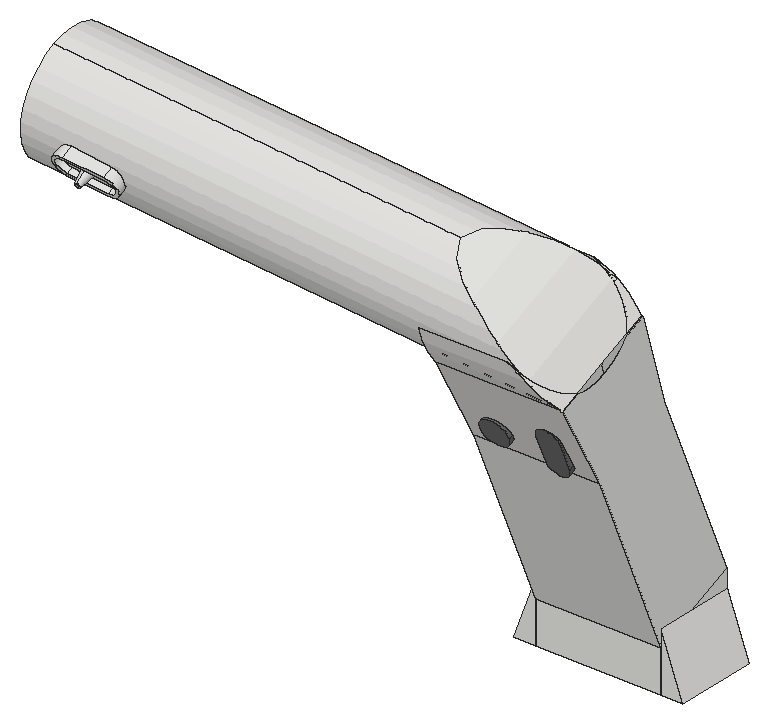
Revit family "DAST0022", category Generic Models, Revit 2017
Family settings
  Can host rebar = No
  Round Connector Dimension = Use Diameter
  Part Type = Normal
  Work Plane-Based = Yes
  Always vertical = Yes
  Cut with Voids When Loaded = No
  Shared = No
  Room Calculation Point = No
Parameters
  Website = "https://dolphy.in/"  # constant formula
  Default Elevation = 1219.2 mm
  Contact number = "+91 9520202035"  # constant formula
  Contact email = "info@dolphy.in"  # constant formula
  Company name = "Dolphy India"  # constant formula
Reference planes
  plane 1 "Center (Front/Back)": y = 0
  plane 2: z = 0
  plane 3 "Center (Left/Right)": x = 0
Forms (mm)
  Revolve 1, solid, material "steel"
    sketch origin (0, 3.943, 19.794) x (1, 0, 0) y (0, -0.390731, 0.920505)
      loop
        line (-146.885, 147.052) -> (-149.304, 127.349) -> (21.733, 106.349) -> (24.152, 126.052) -> (-146.885, 147.052)
      axis (-149.304, 127.349) -> (21.733, 106.349)
    angle from 0 to 360
  Extrusion 2, solid, material "steel"
    sketch origin (0, 3.943, 19.794) x (0, 0.920505, 0.390731) y (0, -0.390731, 0.920505)
      loop
        spline (0, 94.146) -> (-2.591, 94.314) -> (-5.138, 94.817) -> (-7.597, 95.646) -> (-9.925, 96.786) -> (-12.084, 98.217) -> (-14.037, 99.917) -> (-15.749, 101.854) -> (-17.191, 103.997) -> (-18.34, 106.309) -> (-19.175, 108.749) -> (-19.681, 111.277) -> (-19.851, 113.849)
        arc (-19.851, 113.849) -> (-20.047, 106.093) -> (-18.242, 98.547) r 29.901
        arc (-18.242, 98.547) -> (-15.701, 82.261) -> (-14.851, 65.799) r 159.833
        line (-14.851, 65.799) -> (-14.851, 0) -> (14.851, 0) -> (14.851, 66.303)
        arc (14.851, 66.303) -> (15.701, 82.51) -> (18.24, 98.539) r 155
        arc (18.24, 98.539) -> (20.132, 106.08) -> (19.851, 113.849) r 27.672
        spline (19.851, 113.849) -> (19.681, 111.277) -> (19.175, 108.749) -> (18.34, 106.309) -> (17.191, 103.997) -> (15.749, 101.854) -> (14.037, 99.917) -> (12.084, 98.217) -> (9.925, 96.786) -> (7.597, 95.646) -> (5.138, 94.817) -> (2.591, 94.314) -> (0, 94.146)
    from -20.987 to 20.846
  Extrusion 3, void
    sketch origin (0, 3.943, 19.794) x (0, 0.920505, 0.390731) y (0, -0.390731, 0.920505)
      loop
        line (0, 85) -> (-10, 85) -> (-10, 5.625) -> (10, 5.625) -> (10, 85) -> (0, 85)
    from -34.592 to 0
  Extrusion 4, void
    sketch origin (0, 3.943, 19.794) x (1, 0, 0) y (0, -0.390731, 0.920505)
      loop
        arc (-33.286, 136.403) -> (1.043, 120.655) -> (24.145, 90.776) r 79.039
        line (24.145, 90.776) -> (31.714, 90.776) -> (31.714, 149.526) -> (-33.286, 149.526) -> (-33.286, 136.403)
    from 30.31 to -58.873
  Extrusion 5, solid, material "steel"
    sketch origin (0, 7.952, 27.832) x (1, 0, 0) y (0, -0.438371, 0.898794)
      loop
        arc (-132.128, 127.145) -> (-135.868, 124.526) -> (-133.25, 120.786) r 3.229
        line (-133.25, 120.786) -> (-120.334, 118.509)
        arc (-120.334, 118.509) -> (-116.594, 121.128) -> (-119.212, 124.868) r 3.229
        line (-119.212, 124.868) -> (-132.128, 127.145)
      loop
        arc (-131.955, 128.13) -> (-136.853, 124.7) -> (-133.423, 119.801) r 4.229
        line (-133.423, 119.801) -> (-120.507, 117.524)
        arc (-120.507, 117.524) -> (-115.609, 120.954) -> (-119.039, 125.852) r 4.229
        line (-119.039, 125.852) -> (-131.955, 128.13)
    from 16.749 to 22.698
  Revolve 6, solid, material "steel"
    sketch origin (-126.563, -23.863, 16.959) x (0, 0.981627, 0.190809) y (0, -0.190809, 0.981627)
      loop
        line (-16.015, 118.326) -> (-16.618, 120.574) -> (-23.607, 117.165) -> (-23.389, 116.35) -> (-16.015, 118.326)
      axis (-23.389, 116.35) -> (-16.015, 118.326)
    angle from 0 to 360
  Extrusion 7, solid, material "black"
    sketch origin (0, 6.263, 14.329) x (1, 0, 0) y (0, -0.390731, 0.920505)
      loop
        circle (-10.196, 79.578) r 5
    from 14.767 to 16.991
  Extrusion 8, solid, material "black"
    sketch origin (0, 6.263, 14.329) x (1, 0, 0) y (0, -0.390731, 0.920505)
      loop
        line (5.627, 85.89) -> (5.627, 75.89)
        arc (5.627, 75.89) -> (9.69, 71.827) -> (13.752, 75.89) r 4.063
        line (13.752, 75.89) -> (13.752, 85.89)
        arc (13.752, 85.89) -> (9.69, 89.952) -> (5.627, 85.89) r 4.063
    from 0 to 16.991
  Extrusion 9, solid, material "steel"
    sketch origin (0, 0, 0) x (0, 1, 0) y (0, 0, 1)
      loop
        line (17.613, 25.597) -> (-9.728, 13.992) -> (-9.728, 0) -> (17.613, 0) -> (17.613, 25.597)
    from -20.987 to 20.846
  Extrusion 10, solid, material "steel"
    sketch origin (0, 0, 0) x (1, 0, 0) y (0, 0, 1)
      loop
        line (-20.987, 20.002) -> (-28.267, 0) -> (-20.987, 0) -> (-20.987, 20.002)
      loop
        line (20.846, 20.002) -> (20.846, 0) -> (28.126, 0) -> (20.846, 20.002)
    from -17.613 to 9.728
Cuts and joins
  Extrusion 4 cuts Revolve 1
  Extrusion 3, Extrusion 4 cuts Extrusion 2
Dimensions and locks
  aligned and locked: level to plane 2
